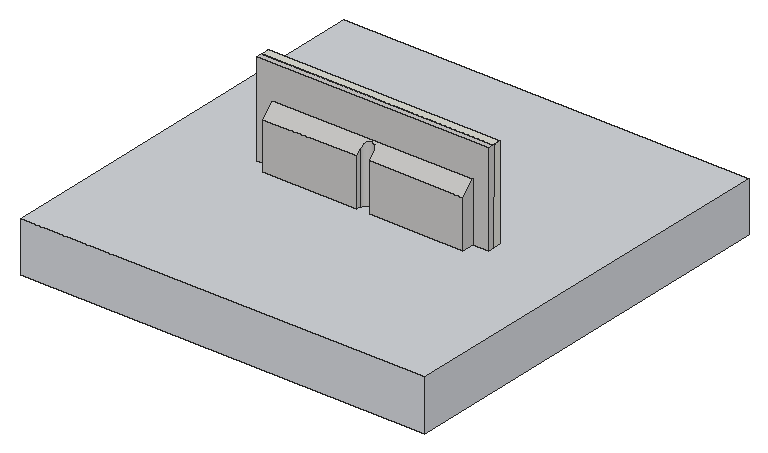
Revit family
Parameters (values of type "9112-WM-MC-3674-NFD")
  Waste Connection = no
  WFU = 0
  Voltage = 0
  Vent Connection = no
  URL = "http://www.neo-metro.com"
  Type Comments = ""
  Tempered Water Connection = no
  S - Satin Frame Finish = no
  S - Satin Basin Finish = no
  Revised Date = "06/16/11"
  RDC13 (Canary) - Deck Material (Resin) = no
  RDC12 (Blueberry) - Deck Material (Resin) = no
  RDC11 (Tangerine Dream) - Deck Material (Resin) = no
  RDC10 (Blanco Solid Srf.) - Deck Material (Resin) = no
  RDC09 (Green Apple) - Deck Material (Resin) = no
  RDC07 (Wineberry) - Deck Material (Resin) = no
  RDC06 (Cranjuice) - Deck Material (Resin) = no
  RDC05 (Skye) - Deck Material (Resin) = no
  RDC04 (Oceana) - Deck Material (Resin) = no
  RDC03 (Yokan) - Deck Material (Resin) = no
  RDC02 (Stealth Fog) - Deck Material (Resin) = no
  RDC01 (Cloud Nine) - Deck Material (Resin) = no
  RDC00 (Custom) - Deck Material (Resin) = no
  Phone# = "626-336-4561"
  OF - Overflow Waste Outlet = no
  NMF-3-S - Wall Spout/Deck Control (Satin) = no
  NMF-3-HP - Wall Spout/Deck Control (High Polish) = no
  NMF-2-S - Deck Spout w/ Dual Control (Satin) = no
  NMF-2-HP - Deck Spout w/ Dual Control (High Polish) = no
  NMF-1-S - Wall Spout/2 Deck Controls (Satin) = no
  NMF-1-HP - Wall Spout/2 Deck Controls (High Polish) = no
  NFD - No Faucet Drilling = yes
  Model = "9112-WM-MC-3674-NFD"
  Material = Stainless Steel
  Manufacturer = "Neo-Metro"
  MC-FLR - Commercial Floor Mounted Arm/Carrier = no
  MC - Standard Arm/Wall Mounted Carrier = yes
  LGT-220V - Under-counter Lighting = no
  LGT - Under-counter Lighting = no
  HWFU = 0
  HW Connection = no
  HP - High Polish Frame Finish = no
  HP - High Polish Basin Finish = no
  FBO - Faucet by Others = no
  EG-22 - Black Frame Finish = no
  EG-22 - Black Basin Finish = no
  EG-10 - White Frame Finish = no
  EG-10 - White Basin Finish = no
  Designed By = "ATS BIM Team"
  Description = "55\" Ebb Concept Wall Mounted"
  Default Elevation = 34"
  DML-SO-BAT - Deck Mounted "L" Spout_Sensor Op_Battery = no
  DML-SO-BAT - Deck Mounted "L" Spout_Sensor Op = no
  DMJ-SO-BAT - Deck Mounted "J" Spout_Sensor Op_Battery = no
  DMJ-SO - Deck Mounted "J" Spout_Sensor Op = no
  CWFU = 0
  CW Connection = no
  Assembly Code = ""
  Amperage = 0
  3674 - Shallow Ebb Basin = yes
  3671 - Deep Ebb Basin = no
Reference planes (in)
  plane 1 "Center (Front/Back)": y = 0
  plane 2: z = 0
  plane 3 "Center (Left/Right)": x = 0
  plane 4: y = -34
  plane 5: z = 11.5
  plane 6: z = 22
  plane 7: z = 18
  plane 8: x = 4.5
  plane 9: x = -9.5
  plane 10: z = 4
  plane 11: z = 18
  plane 12: z = 4
  plane 13: y = -1
  plane 14: x = 27.5
  plane 15: x = -27.5
  plane 16: x = 23.75
  plane 17: x = -23.75
Forms (in)
  Extrusion 1, solid
    sketch origin (0, 0, 0) x (1, 0, 0) y (0, 1, 0)
      loop
        line (-48, 48) -> (-48, -48) -> (48, -48) -> (48, 48) -> (-48, 48)
    from 0 to -12
  Extrusion 2, solid, material "Satin"
    sketch origin (-2.5, 0, 0) x (1, 0, 0) y (0, 0, 1)
      loop
        line (30, 0) -> (30, 21.96875)
        arc (30, 21.96875) -> (29.99085, 21.99085) -> (29.96875, 22) r 0.03125
        line (29.96875, 22) -> (-24.96875, 22)
        arc (-24.96875, 22) -> (-24.99085, 21.99085) -> (-25, 21.96875) r 0.03125
        line (-25, 21.96875) -> (-25, 0) -> (30, 0)
    from 0 to 2
  Extrusion 3, solid, material "Stainless Steel" <- "Material"
    sketch origin (-2.5, 0, 0) x (0, 1, 0) y (0, 0, 1)
      loop
        line (-2, 0) -> (-2, 22) -> (-3.5, 22) -> (-3.5, 14) -> (-6.25, 11.25) -> (-6.25, 0) -> (-2, 0)
    from -25 to 30
  Extrusion 4, void
    sketch origin (0, 0, 0) x (1, 0, 0) y (0, 1, 0)
      loop
        line (1.5, -6.25) -> (1.5, -5.25)
        arc (1.5, -5.25) -> (0, -3.75) -> (-1.5, -5.25) r 1.5
        line (-1.5, -5.25) -> (-1.5, -6.25) -> (1.5, -6.25)
    from 0 to 14.50196
  Extrusion 5, void
    sketch origin (-4, 0, 0) x (0, -1, 0) y (0, 0, 1)
      loop
        line (0, 4) -> (2.5, 4) -> (3, 11.5) -> (3, 12.25) -> (2, 12.25) -> (2, 10.75) -> (1, 18) -> (0, 18) -> (0, 4)
    from -22.5 to 13.5
  Extrusion 6, void
    sketch origin (0, 0, 0) x (1, 0, 0) y (0, 1, 0)
      loop
        line (-23.75, -6.25) -> (-23.75, -3.5) -> (-27.5, -3.5) -> (-27.5, -6.25) -> (-23.75, -6.25)
      loop
        line (23.75, -6.25) -> (27.5, -6.25) -> (27.5, -3.5) -> (23.75, -3.5) -> (23.75, -6.25)
    from 0 to 14.50196
Cuts and joins
  Extrusion 4, Extrusion 6 cuts Extrusion 3
  Extrusion 5 cuts Extrusion 2
Dimensions and locks (in)
  aligned and locked: plane 2 to Extrusion 1
  aligned and locked: level to Extrusion 1
  aligned and locked: Extrusion 6 to Extrusion 3  (x3)
  aligned and locked: Extrusion 3 to Extrusion 6
  aligned and locked: Extrusion 3 to Extrusion 4
